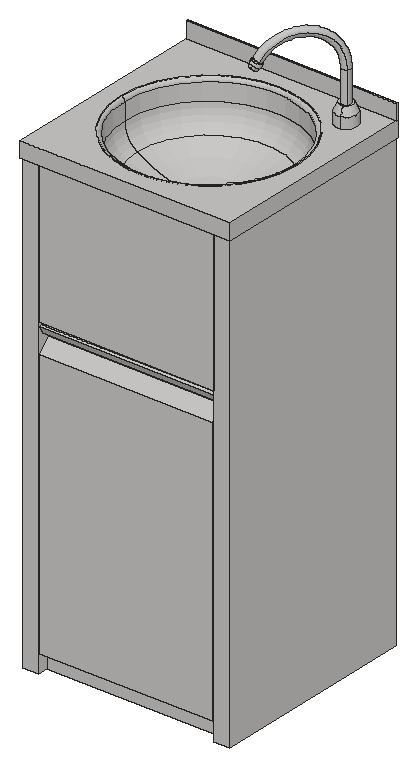
Revit family "QF_ZANUSSI_132954_NHWSB40", category Attrezzature speciali, Revit 2020
Family settings
  Quota connettore circolare = Usa diametro
  Tipo di parte = Normale
  Basato su piano di lavoro = No
  Sempre verticale = Sì
  Taglio con vuoti quando caricato = No
  Condiviso = No
  Punto di calcolo locali = No
Parameters (values of type "Standard")
  Weight = 20.00 kg
  Watts = 0 W
  Volts = 0 V
  URL Manufacturer = "http://www.zanussiprofessional.com"
  URL = "http://www.zanussiprofessional.com"
  Steam Supply Size = 0 mm
  Steam Supply Minimum Pressure = 0.0 Pa
  Steam Supply Maximum Pressure = 0.0 Pa
  Steam Consumption per Hour = 0
  Refrigeration Suction Line Size = 0.0 mm
  Refrigeration Liquid Line Size = 0.0 mm
  Refrigerant Compressor Remote = yes
  Prospetto di default = 0.0 mm
  Phase = 0
  Modello = "NHWSB40"
  Produttore = "Zanussi"
  Length Actual = 400.0 mm  # constant formula
  Item Number = "132954"
  Hot Water Size = 12.7 mm
  Height Actual = 900.0 mm  # constant formula
  HP = "0 HP"
  Gas Size = 0 mm
  Gas KW = 0
  Gas Input Pressure = 0 W
  Direct Waste Size = 139.7 mm
  Descrizione = "FREE-STANDING HAND WASH BASIN WITH WASTE CABINET, KNEE-OPERATED, 1 BOWL, MIXER SPOUT AND DRAIN HOLE"
  Depth Actual = 400.0 mm  # constant formula
  Cycle = 0 Hz
  Condensate Return Size = 0 mm
  Compressed Air Volume = 0.0 L/s
  Compressed Air Size = 0 mm
  Compressed Air Pressure = 0.0 Pa
  Cold Water Size = 12.7 mm
  Accessory = yes
Reference planes
  plane 1 "Center (Front/Back)": y = 0
  plane 2: z = 0
  plane 3 "BACK": y = 200
  plane 4 "FRONT": y = -200
  plane 5 "TOP": z = 900
  plane 6: x = -956.5
  plane 7 "BaseTop": z = 870
  plane 8: x = -556.5
  plane 9 "Center (Left/Right)": x = -756.5
  plane 10 "Drain Z": z = 660
  plane 11: z = 930
  plane 12 "FondoLavello": z = 777.601
  plane 13: y = 145.319
  plane 14: x = -611.483
  plane 15 "DrainX": x = -833.5
Forms (mm)
  Extrusion 1, solid, material "QF_Finishes_Stainless Steel"
    sketch origin (0, 0, 870) x (-1, 0, 0) y (0, -1, 0)
      loop
        line (956.5, -200) -> (956.5, 200) -> (556.5, 200) -> (556.5, -200) -> (956.5, -200)
      loop
        circle (611.483, -145.319) r 9.014
      loop
        circle (756.5, 0) r 168
    from 0 to 30
  Extrusion 2, solid, material "QF_Finishes_Stainless Steel"
    sketch origin (0, 0, 0) x (1, 0, 0) y (0, 1, 0)
      loop
        line (-923.5, 170) -> (-589.5, 170) -> (-589.5, -197) -> (-559.5, -197) -> (-559.5, 200) -> (-953.5, 200) -> (-953.5, -197) -> (-923.5, -197) -> (-923.5, 170)
    from 0 to 870
  Extrusion 3, solid, material "QF_Finishes_Stainless Steel"
    sketch origin (0, 0, 0) x (1, 0, 0) y (0, 1, 0)
      loop
        line (-923.5, 170) -> (-923.5, -177) -> (-589.5, -177) -> (-589.5, 170) -> (-923.5, 170)
    from 0 to 30
  Extrusion 4, solid, material "QF_Finishes_Stainless Steel"
    sketch origin (-756.5, 0, -115) x (0, 0, -1) y (0, -1, 0)
      loop
        line (-710, 172) -> (-150, 172) -> (-150, 197) -> (-660, 197) -> (-682.5, 174.5) -> (-707.5, 174.5) -> (-707.5, 191.722) -> (-706.755, 193.013) -> (-695.76, 186.665) -> (-694.51, 188.83) -> (-707.5, 196.33) -> (-710, 192) -> (-710, 172)
    from -165 to 165
  Extrusion 5, solid, material "QF_Finishes_Stainless Steel"
    sketch origin (-756.5, 0, 0) x (0, 0, -1) y (0, -1, 0)
      loop
        line (-600, 197) -> (-870, 197) -> (-870, 172) -> (-600, 172) -> (-600, 197)
    from -167 to 167
  Extrusion 6, solid, material "QF_Door-Drawer Clearances", detail levels coarse
    sketch origin (-756.5, 0, 0) x (0, 0, -1) y (0, -1, 0)
      loop
        line (-552.609, 357.732) -> (-562.251, 369.223) -> (-566.081, 366.009) -> (-572.921, 347.215)
        arc (-572.921, 347.215) -> (-591.566, 273.23) -> (-594.805, 197) r 373.932
        line (-594.805, 197) -> (-87.113, 197) -> (-517.386, 353.606) -> (-546.225, 340.159) -> (-569.717, 348.709) -> (-563.827, 364.893) -> (-562.685, 365.851) -> (-554.524, 356.125) -> (-552.609, 357.732)
    from -165 to 165
  Revolve 7, solid, material "QF_Finishes_Stainless Steel"
    sketch origin (0, 0, 0) x (1, 0, 0) y (0, 0, 1)
      loop
        arc (-917.53, 893) -> (-919.572, 897.928) -> (-924.5, 899.97) r 6.97
        line (-924.5, 899.97) -> (-924.5, 895) -> (-922.501, 895) -> (-922.501, 859.414)
        arc (-922.501, 859.414) -> (-915.312, 831.717) -> (-895.561, 811.013) r 56.948
        arc (-895.561, 811.013) -> (-840.753, 785.213) -> (-781.505, 772.59) r 263.902
        line (-781.505, 772.59) -> (-781.505, 777.601)
        arc (-781.505, 777.601) -> (-839.395, 790.016) -> (-892.95, 815.258) r 258.912
        arc (-892.95, 815.258) -> (-910.971, 834.149) -> (-917.53, 859.421) r 51.963
        line (-917.53, 859.421) -> (-917.53, 893)
      axis (-756.5, 772.59) -> (-756.5, 899.97)
    angle from 0 to 360
  Extrusion 8, solid, material "QF_Finishes_Stainless Steel"
    sketch origin (0, 0, 777.601) x (-1, 0, 0) y (0, -1, 0)
      loop
        circle (756.5, 0) r 25.005
      loop
        circle (756.5, 0) r 5
      loop
        line (753.407, -8.499) -> (749.22, -20.001)
        arc (749.22, -20.001) -> (756.5, -21.285) -> (763.78, -20.001) r 21.285
        line (763.78, -20.001) -> (759.593, -8.499)
        arc (759.593, -8.499) -> (756.5, -9.045) -> (753.407, -8.499) r 9.045
      loop
        arc (753.407, 8.499) -> (756.5, 9.045) -> (759.593, 8.499) r 9.045
        line (759.593, 8.499) -> (763.78, 20.001)
        arc (763.78, 20.001) -> (756.5, 21.285) -> (749.22, 20.001) r 21.285
        line (749.22, 20.001) -> (753.407, 8.499)
      loop
        line (762.314, -6.929) -> (770.181, -16.305)
        arc (770.181, -16.305) -> (774.933, -10.642) -> (777.461, -3.696) r 21.285
        line (777.461, -3.696) -> (765.407, -1.571)
        arc (765.407, -1.571) -> (764.333, -4.522) -> (762.314, -6.929) r 9.045
      loop
        arc (747.593, 1.571) -> (748.667, 4.522) -> (750.686, 6.929) r 9.045
        line (750.686, 6.929) -> (742.819, 16.305)
        arc (742.819, 16.305) -> (738.067, 10.642) -> (735.539, 3.696) r 21.285
        line (735.539, 3.696) -> (747.593, 1.571)
      loop
        line (765.407, 1.571) -> (777.461, 3.696)
        arc (777.461, 3.696) -> (774.933, 10.642) -> (770.181, 16.305) r 21.285
        line (770.181, 16.305) -> (762.314, 6.929)
        arc (762.314, 6.929) -> (764.333, 4.522) -> (765.407, 1.571) r 9.045
      loop
        arc (750.686, -6.929) -> (748.667, -4.522) -> (747.593, -1.571) r 9.045
        line (747.593, -1.571) -> (735.539, -3.696)
        arc (735.539, -3.696) -> (738.067, -10.642) -> (742.819, -16.305) r 21.285
        line (742.819, -16.305) -> (750.686, -6.929)
    from -5.011 to 0
  Extrusion 9, solid, material "QF_Finishes_Stainless Steel"
    sketch origin (0, 0, 870) x (-1, 0, 0) y (0, -1, 0)
      loop
        circle (620.497, -145.319) r 5
      loop
        circle (602.468, -145.319) r 5
    from 0 to 30
  Extrusion 10, void
    sketch origin (0, 200, 0) x (-1, 0, 0) y (0, 0, 1)
      loop
        circle (833.5, 660) r 22
    from -30 to 0
  Extrusion 11, solid, material "QF_Finishes_Stainless Steel"
    sketch origin (0, 200, 0) x (-1, 0, 0) y (0, 0, 1)
      loop
        circle (833.5, 660) r 20
      loop
        circle (833.5, 660) r 18
    from -30 to 0
  Extrusion 12, solid, material "QF_Finishes_Stainless Steel"
    sketch origin (-756.5, 0, 0) x (0, 0, -1) y (0, -1, 0)
      loop
        line (-930, -200) -> (-900, -200) -> (-900, -197) -> (-930, -197) -> (-930, -200)
    from -200 to 200
Cuts and joins
  Extrusion 10 cuts Extrusion 2
Lines and regions (mm)
  symbolic lines, style "SpecialityEquipment"
    curve 1: line (-956.5, 200, 870) -> (-556.5, 200, 870)
    curve 2: line (-956.5, -200, 870) -> (-956.5, 200, 870)
    curve 3: line (-556.5, -200, 870) -> (-956.5, -200, 870)
    curve 4: line (-556.5, 200, 870) -> (-556.5, -200, 870)
  symbolic lines, style "SpecialityEquipmentHiddenLines"
    curve 5: line (-921.5, -200, 870) -> (-921.5, -369.223, 870)
    curve 6: line (-921.5, -369.223, 870) -> (-591.5, -369.223, 870)
    curve 7: line (-591.5, -369.223, 870) -> (-591.5, -200, 870)
  symbolic lines
    curve 8: arc (-626.646, 106.592, 870) -> (-880.827, -112.99, 870) -> (-638.014, 119.101, 870) r 168
    curve 9: circle (-756.5, 0, 870) r 25.005 normal (0, 0, 1)
    curve 10: circle (-756.5, 0, 870) r 5 normal (0, 0, 1)
    curve 11: arc (-753.407, 8.499, 870) -> (-756.5, 9.045, 870) -> (-759.593, 8.499, 870) r 9.045
    curve 12: line (-749.22, 20.001, 870) -> (-753.407, 8.499, 870)
    curve 13: line (-759.593, 8.499, 870) -> (-763.78, 20.001, 870)
    curve 14: arc (-763.78, 20.001, 870) -> (-756.5, 21.285, 870) -> (-749.22, 20.001, 870) r 21.285
    curve 15: line (-770.181, 16.305, 870) -> (-762.314, 6.929, 870)
    curve 16: line (-765.407, 1.571, 870) -> (-777.461, 3.696, 870)
    curve 17: line (-777.461, -3.696, 870) -> (-765.407, -1.571, 870)
    curve 18: line (-762.314, -6.929, 870) -> (-770.181, -16.305, 870)
    curve 19: line (-763.78, -20.001, 870) -> (-759.593, -8.499, 870)
    curve 20: line (-753.407, -8.499, 870) -> (-749.22, -20.001, 870)
    curve 21: line (-742.819, -16.305, 870) -> (-750.686, -6.929, 870)
    curve 22: line (-747.593, -1.571, 870) -> (-735.539, -3.696, 870)
    curve 23: line (-735.539, 3.696, 870) -> (-747.593, 1.571, 870)
    curve 24: line (-750.686, 6.929, 870) -> (-742.819, 16.305, 870)
    curve 25: arc (-742.819, 16.305, 870) -> (-738.067, 10.642, 870) -> (-735.539, 3.696, 870) r 21.285
    curve 26: arc (-747.593, 1.571, 870) -> (-748.667, 4.522, 870) -> (-750.686, 6.929, 870) r 9.045
    curve 27: arc (-750.686, -6.929, 870) -> (-748.667, -4.522, 870) -> (-747.593, -1.571, 870) r 9.045
    curve 28: arc (-735.539, -3.696, 870) -> (-738.067, -10.642, 870) -> (-742.819, -16.305, 870) r 21.285
    curve 29: arc (-749.22, -20.001, 870) -> (-756.5, -21.285, 870) -> (-763.78, -20.001, 870) r 21.285
    curve 30: arc (-759.593, -8.499, 870) -> (-756.5, -9.045, 870) -> (-753.407, -8.499, 870) r 9.045
    curve 31: arc (-765.407, -1.571, 870) -> (-764.333, -4.522, 870) -> (-762.314, -6.929, 870) r 9.045
    curve 32: arc (-770.181, -16.305, 870) -> (-774.933, -10.642, 870) -> (-777.461, -3.696, 870) r 21.285
    curve 33: arc (-762.314, 6.929, 870) -> (-764.333, 4.522, 870) -> (-765.407, 1.571, 870) r 9.045
    curve 34: arc (-777.461, 3.696, 870) -> (-774.933, 10.642, 870) -> (-770.181, 16.305, 870) r 21.285
    curve 35: line (-956.5, 197, 870) -> (-556.5, 197, 870)
Dimensions and locks
  plane 3 "BACK" to plane 4 "FRONT" = 400.0 mm
  equal spacing: plane 3 "BACK", plane 1 "Center (Front/Back)", plane 4 "FRONT"
  plane 5 "TOP" to level = 900.0 mm
  equal spacing: plane 6, plane 9 "Center (Left/Right)", plane 8
  locked: plane 6 to plane 8 at 400
  plane 10 "Drain Z" to level = 660.0 mm
  plane 11 to plane 5 "TOP" = 30.0 mm
  plane 6 to plane 15 "DrainX" = 123.0 mm
  aligned and locked: level to plane 2
  aligned and locked: plane 5 "TOP" to Extrusion 1
  aligned and locked: plane 7 "BaseTop" to Extrusion 2
Automatic sketch dimensions
  Extrusion 1 sketch curve to plane 3 "BACK" = 0.0 mm
  Extrusion 1 sketch curve to plane 8 = 0.0 mm
  Extrusion 1 sketch curve to plane 4 "FRONT" = 0.0 mm
  Extrusion 1 sketch curve to plane 6 = 0.0 mm
  plane 8 to Extrusion 1 sketch curve = 54.983 mm
  Extrusion 1 sketch curve to plane 3 "BACK" = 54.681 mm
  Extrusion 2 sketch curve to plane 3 "BACK" = 0.0 mm
  plane 6 to Extrusion 2 sketch curve = 33.0 mm
  plane 8 to Extrusion 2 sketch curve = 33.0 mm
  plane 8 to Extrusion 2 sketch curve = 3.0 mm
  Extrusion 2 sketch curve to plane 3 "BACK" = 30.0 mm
  plane 4 "FRONT" to Extrusion 2 sketch curve = 3.0 mm  (x2)
  plane 6 to Extrusion 2 sketch curve = 3.0 mm
  plane 4 "FRONT" to Extrusion 3 sketch curve = 23.0 mm
  plane 6 to Extrusion 3 sketch curve = 33.0 mm
  plane 8 to Extrusion 3 sketch curve = 33.0 mm
  Extrusion 3 sketch curve to plane 3 "BACK" = 30.0 mm
  level to Extrusion 4 sketch curve = 595.0 mm
  Extrusion 4 sketch curve to Extrusion 4 sketch curve = 2.5 mm  (x2)
  Extrusion 4 sketch curve to Extrusion 4 sketch curve = 11.74 mm
  Extrusion 4 sketch curve to Extrusion 4 sketch curve = 1.25 mm
  Extrusion 4 sketch curve to Extrusion 4 sketch curve = 34.51 mm
  level to Extrusion 4 sketch curve = 35.0 mm
  plane 4 "FRONT" to Extrusion 4 sketch curve = 28.0 mm
  Extrusion 4 sketch curve to Extrusion 4 sketch curve = 25.0 mm
  Extrusion 4 sketch curve to Extrusion 4 sketch curve = 0.745 mm
  Extrusion 4 sketch curve to Extrusion 4 sketch curve = 13.26 mm
  Extrusion 4 sketch curve to Extrusion 4 sketch curve = 12.165 mm
  Extrusion 4 sketch curve to Extrusion 4 sketch curve = 1.291 mm
  Extrusion 4 sketch curve to Extrusion 4 sketch curve = 0.278 mm
  Extrusion 5 sketch curve to plane 7 "BaseTop" = 0.0 mm
  plane 4 "FRONT" to Extrusion 5 sketch curve = 28.0 mm
  Extrusion 5 sketch curve to plane 10 "Drain Z" = 60.0 mm
  plane 4 "FRONT" to Extrusion 5 sketch curve = 3.0 mm
  plane 1 "Center (Front/Back)" to Extrusion 1 sketch curve = 0.0 mm
  Extrusion 1 sketch curve to plane 9 "Center (Left/Right)" = 0.0 mm
  Extrusion 6 sketch curve to plane 10 "Drain Z" = 90.283 mm
  Extrusion 6 sketch curve to Extrusion 6 sketch curve = 3.636 mm
  Extrusion 6 sketch curve to Extrusion 6 sketch curve = 2.254 mm
  Extrusion 6 sketch curve to Extrusion 6 sketch curve = 1.142 mm
  Extrusion 6 sketch curve to Extrusion 6 sketch curve = 0.434 mm
  Extrusion 6 sketch curve to Extrusion 6 sketch curve = 8.161 mm
  Extrusion 6 sketch curve to Extrusion 6 sketch curve = 1.915 mm
  Extrusion 6 sketch curve to Extrusion 6 sketch curve = 8.299 mm
  Extrusion 6 sketch curve to Extrusion 6 sketch curve = 28.839 mm
  Extrusion 6 sketch curve to plane 4 "FRONT" = 19.323 mm
  level to Extrusion 6 sketch curve = 221.54 mm
  plane 4 "FRONT" to Extrusion 6 sketch curve = 3.0 mm
  level to Extrusion 6 sketch curve = 87.113 mm
  Extrusion 6 sketch curve to plane 4 "FRONT" = 140.159 mm
  Extrusion 6 sketch curve to Extrusion 6 sketch curve = 8.551 mm
  Extrusion 6 sketch curve to Extrusion 6 sketch curve = 13.448 mm
  Extrusion 6 sketch curve to Extrusion 6 sketch curve = 8.768 mm
  Extrusion 6 sketch curve to Extrusion 6 sketch curve = 3.204 mm
  Extrusion 6 sketch curve to plane 10 "Drain Z" = 65.195 mm
  Revolve 7 sketch curve to plane 5 "TOP" = 0.03 mm
  plane 9 "Center (Left/Right)" to Revolve 7 sketch curve = 0.0 mm
  plane 9 "Center (Left/Right)" to Revolve 7 sketch curve = 0.002 mm
  Revolve 7 sketch curve to Revolve 7 sketch curve = 0.011 mm
  plane 9 "Center (Left/Right)" to Revolve 7 sketch curve = 25.005 mm
  Revolve 7 sketch curve to plane 7 "BaseTop" = 10.586 mm
  plane 6 to Revolve 7 sketch curve = 90.947 mm
  Revolve 7 sketch curve to Revolve 7 sketch curve = 0.015 mm
  Revolve 7 sketch curve to plane 7 "BaseTop" = 10.579 mm
  plane 6 to Revolve 7 sketch curve = 38.97 mm
  Revolve 7 sketch curve to Revolve 7 sketch curve = 4.971 mm
  Revolve 7 sketch curve to Revolve 7 sketch curve = 1.999 mm
  Revolve 7 sketch curve to plane 7 "BaseTop" = 92.399 mm
  Revolve 7 sketch curve to Revolve 7 sketch curve = 5.011 mm
  plane 11 to Revolve 7 sketch curve = 105.304 mm
  Revolve 7 sketch curve to Revolve 7 sketch curve = 0.001 mm
  plane 10 "Drain Z" to Revolve 7 sketch curve = 25.0 mm
  Revolve 7 sketch curve to Revolve 7 sketch curve = 15.304 mm
  Revolve 7 sketch curve to Revolve 7 sketch curve = 2.0 mm
  Extrusion 8 sketch curve to Extrusion 8 sketch curve = 0.0 mm  (x186)
  plane 1 "Center (Front/Back)" to Extrusion 8 sketch curve = 0.0 mm
  Extrusion 8 sketch curve to plane 9 "Center (Left/Right)" = 0.0 mm
  Extrusion 8 sketch curve to plane 9 "Center (Left/Right)" = 3.093 mm  (x2)
  Extrusion 8 sketch curve to Extrusion 8 sketch curve = 2.72 mm  (x4)
  Extrusion 8 sketch curve to plane 9 "Center (Left/Right)" = 7.28 mm  (x2)
  plane 1 "Center (Front/Back)" to Extrusion 8 sketch curve = 1.571 mm  (x2)
  Extrusion 8 sketch curve to Extrusion 8 sketch curve = 3.093 mm  (x2)
  Extrusion 8 sketch curve to plane 1 "Center (Front/Back)" = 1.571 mm  (x2)
  Extrusion 8 sketch curve to Extrusion 8 sketch curve = 6.402 mm  (x4)
  Extrusion 8 sketch curve to plane 1 "Center (Front/Back)" = 3.696 mm  (x2)
  Extrusion 8 sketch curve to Extrusion 8 sketch curve = 12.054 mm  (x2)
  plane 1 "Center (Front/Back)" to Extrusion 8 sketch curve = 3.696 mm  (x2)
  plane 9 "Center (Left/Right)" to Extrusion 8 sketch curve = 3.093 mm  (x2)
  plane 9 "Center (Left/Right)" to Extrusion 8 sketch curve = 7.28 mm  (x2)
  Extrusion 8 sketch curve to Extrusion 8 sketch curve = 3.696 mm  (x2)
  Extrusion 8 sketch curve to Extrusion 8 sketch curve = 1.571 mm  (x2)
  Extrusion 9 sketch curve to plane 13 = 0.0 mm  (x2)
  Extrusion 9 sketch curve to plane 14 = 9.014 mm
  plane 14 to Extrusion 9 sketch curve = 9.014 mm
  Extrusion 10 sketch curve to plane 10 "Drain Z" = 0.0 mm
  Extrusion 10 sketch curve to plane 15 "DrainX" = 0.0 mm
  Extrusion 11 sketch curve to plane 10 "Drain Z" = 0.0 mm
  Extrusion 11 sketch curve to plane 15 "DrainX" = 0.0 mm
  Extrusion 11 sketch curve to Extrusion 11 sketch curve = 0.0 mm  (x2)
  Extrusion 12 sketch curve to plane 11 = 0.0 mm
  Extrusion 12 sketch curve to plane 5 "TOP" = 0.0 mm
  Extrusion 12 sketch curve to plane 3 "BACK" = 0.0 mm
  Extrusion 12 sketch curve to Extrusion 12 sketch curve = 3.0 mm
  curve 8 to curve 9 = 0.0 mm  (x2)
  curve 8 to curve 10 = 0.0 mm  (x2)
  curve 8 to curve 11 = 0.0 mm
  curve 9 to curve 14 = 0.0 mm
  curve 11 to curve 14 = 0.0 mm  (x2)
  curve 11 to curve 25 = 0.0 mm  (x2)
  curve 11 to curve 26 = 0.0 mm  (x2)
  curve 26 to curve 34 = 0.0 mm  (x2)
  curve 27 to curve 34 = 0.0 mm  (x2)
  curve 28 to curve 34 = 0.0 mm  (x2)
  curve 29 to curve 34 = 0.0 mm  (x2)
  curve 30 to curve 34 = 0.0 mm  (x2)
  curve 31 to curve 34 = 0.0 mm  (x2)
  curve 32 to curve 34 = 0.0 mm  (x2)
  curve 33 to curve 34 = 0.0 mm  (x2)
  curve 1 to plane 3 "BACK" = 0.0 mm
  curve 1 to plane 8 = 0.0 mm
  curve 7 to plane 4 "FRONT" = 0.0 mm
  plane 1 "Center (Front/Back)" to curve 32 = 0.0 mm
  curve 32 to plane 9 "Center (Left/Right)" = 0.0 mm
  curve 35 to plane 6 = 0.0 mm
  curve 6 to plane 14 = 19.983 mm
  curve 23 to plane 1 "Center (Front/Back)" = 3.696 mm
  curve 23 to plane 9 "Center (Left/Right)" = 20.961 mm
  plane 1 "Center (Front/Back)" to curve 22 = 3.696 mm
  curve 22 to curve 25 = 0.0 mm
  curve 21 to plane 9 "Center (Left/Right)" = 13.681 mm
  curve 24 to plane 9 "Center (Left/Right)" = 13.681 mm
  plane 1 "Center (Front/Back)" to curve 22 = 1.571 mm
  curve 22 to plane 9 "Center (Left/Right)" = 8.907 mm
  curve 23 to plane 1 "Center (Front/Back)" = 1.571 mm
  curve 23 to curve 27 = 0.0 mm
  curve 12 to plane 9 "Center (Left/Right)" = 7.28 mm
  curve 20 to plane 9 "Center (Left/Right)" = 7.28 mm
  curve 21 to plane 9 "Center (Left/Right)" = 5.814 mm
  curve 24 to plane 9 "Center (Left/Right)" = 5.814 mm
  curve 20 to plane 9 "Center (Left/Right)" = 3.093 mm
  curve 12 to plane 9 "Center (Left/Right)" = 3.093 mm
  plane 9 "Center (Left/Right)" to curve 13 = 3.093 mm
  plane 9 "Center (Left/Right)" to curve 19 = 3.093 mm
  curve 30 to curve 18 = 2.72 mm
  curve 11 to curve 15 = 2.72 mm
  plane 9 "Center (Left/Right)" to curve 19 = 7.28 mm
  plane 9 "Center (Left/Right)" to curve 13 = 7.28 mm
  curve 16 to plane 1 "Center (Front/Back)" = 1.571 mm
  curve 33 to curve 16 = 3.093 mm
  plane 1 "Center (Front/Back)" to curve 17 = 1.571 mm
  curve 17 to curve 16 = 0.0 mm
  curve 14 to curve 15 = 6.402 mm
  curve 29 to curve 18 = 6.402 mm
  plane 1 "Center (Front/Back)" to curve 17 = 3.696 mm
  curve 31 to curve 17 = 12.054 mm
  curve 16 to plane 1 "Center (Front/Back)" = 3.696 mm
  curve 16 to curve 17 = 0.0 mm
  plane 6 to curve 6 = 35.0 mm
  curve 12 to curve 25 = 3.696 mm
  curve 13 to curve 15 = 1.571 mm
  curve 18 to curve 19 = 1.571 mm
  curve 18 to curve 19 = 3.696 mm
  curve 7 to curve 6 = 169.223 mm
  plane 14 to curve 8 = 15.163 mm
  curve 8 to curve 8 = 11.368 mm
  curve 35 to plane 3 "BACK" = 3.0 mm
  curve 8 to plane 13 = 26.218 mm
  radius of Extrusion 1 sketch curve = 9.014 mm
  radius of Extrusion 1 sketch curve = 168.0 mm
  radius of Extrusion 8 sketch curve = 25.005 mm
  radius of Extrusion 8 sketch curve = 5.0 mm
  radius of Extrusion 9 sketch curve = 5.0 mm  (x2)
  radius of Extrusion 10 sketch curve = 22.0 mm
  radius of Extrusion 11 sketch curve = 20.0 mm
  radius of Extrusion 11 sketch curve = 18.0 mm
  radius of curve 9 = 25.005 mm
  radius of curve 10 = 5.0 mm
Nested families
  nested 1: "SINK_Misc" at (-611.483, 146.494, 900) x (0.848, -0.5299, 0) z (0, 0, 1), type "SINK_Misc"
Connectors
  piping at (-620.497, 145.319, 870), diameter 12.7, driven by "Hot Water Size"
    settings: on Extrusion 9, index 1, connector inside diameter 609.6 mm, connector length 0.0 mm, flow factor 0, pipe flow 0.0 L/s, pressure drop 0.0 Pa, fitting loss kfactor 0, connector angle 0.00°, fixture units 0, engagement length 0.0 mm, angle of deflection 0.00°, flow configuration 1, flow direction 1, fitting loss method 0, system type 20, joint type 0, gender type 0, connector reference index -1, connector utility 0, adjustable connector no, is connector primary yes, connector description "Hot Water Inlet"
  piping at (-602.468, 145.319, 870), diameter 12.7, driven by "Cold Water Size"
    settings: on Extrusion 9, index 2, connector inside diameter 609.6 mm, connector length 0.0 mm, flow factor 0, pipe flow 0.0 L/s, pressure drop 0.0 Pa, fitting loss kfactor 0, connector angle 0.00°, fixture units 0, engagement length 0.0 mm, angle of deflection 0.00°, flow configuration 1, flow direction 1, fitting loss method 0, system type 20, joint type 0, gender type 0, connector reference index -1, connector utility 0, adjustable connector no, is connector primary no, connector description "Cold Water Inlet"
  piping at (-833.5, 200, 660), diameter 139.7, driven by "Direct Waste Size"
    settings: on Extrusion 11, index 3, connector inside diameter 609.6 mm, connector length 0.0 mm, flow factor 0, pipe flow 0.0 L/s, pressure drop 0.0 Pa, fitting loss kfactor 0, connector angle 0.00°, fixture units 0, engagement length 0.0 mm, angle of deflection 0.00°, flow configuration 1, flow direction 2, fitting loss method 0, system type 16, joint type 0, gender type 0, connector reference index -1, connector utility 0, adjustable connector no, is connector primary no, connector description "Drain"
Definition of nested family "SINK_Misc"
  Parameters
    Default Elevation = 0.0 mm
  Reference planes
    plane 1 "Center (Front/Back)": y = 0
    plane 2: z = 0
    plane 3 "Center (Left/Right)": x = 0
    plane 4: z = 132.417
    plane 5: y = -140
  Forms (mm)
    Revolve 1, solid
      sketch origin (0, 0, 0) x (0.707107, -0.707107, 0) y (0, 0, 1)
        loop
          line (0, 0) -> (0, 35) -> (-13.322, 35) -> (-20, 20) -> (-20, 0) -> (0, 0)
        axis (0, 35) -> (0, 0)
      angle from 0 to 360
    Sweep 2, solid
      path origin (0, 0, 70) x (0, 1, 0) y (0, 0, 1)
        loop
          line (0, -35) -> (0, 25)
          arc (0, 25) -> (-55.635, 97.457) -> (-140, 62.417) r 75
      profile origin (0, 0, 65) x (0, -1, 0) y (1, 0, 0)
        loop
          circle (0, 0) r 8
    Revolve 3, solid
      sketch origin (0, 29.771, -274.217) x (0, 0.866667, -0.498887) y (0, 0.498887, 0.866667)
        loop
          line (-340.351, 259.648) -> (-340.351, 265.557)
          arc (-340.351, 265.557) -> (-340.776, 266.459) -> (-341.572, 267.059) r 2.074
          line (-341.572, 267.059) -> (-341.999, 267.719) -> (-349.999, 267.719) -> (-349.999, 253.002) -> (-343.599, 253.002)
          arc (-343.599, 253.002) -> (-342.92, 253.216) -> (-342.486, 253.782) r 1.185
          line (-342.486, 253.782) -> (-340.351, 259.648)
        axis (-349.999, 267.719) -> (-349.999, 253.002)
      angle from 0 to 360
  Lines and regions (mm)
    symbolic lines
      curve 1: arc (-8, -18.33, 0) -> (0, 20, 0) -> (8, -18.33, 0) r 20
      curve 2: arc (8, -10.652, 0) -> (0, 13.322, 0) -> (-8, -10.652, 0) r 13.322
      curve 3: spline (8, -140, 0) -> (7.727, -141.794, 0) -> (6.928, -143.467, 0) -> (5.657, -144.903, 0) -> (4, -146.004, 0) -> (2.071, -146.697, 0) -> (0, -146.933, 0) -> (-2.071, -146.697, 0) -> (-4, -146.004, 0) -> (-5.657, -144.903, 0) -> (-6.928, -143.467, 0) -> (-7.727, -141.794, 0) -> (-8, -140, 0)
      curve 4: spline (-8, -136.404, 0) -> (-9.389, -139.151, 0) -> (-9.57, -142.147, 0) -> (-8.519, -145.005, 0) -> (-6.372, -147.358, 0) -> (-3.405, -148.903, 0) -> (0, -149.441, 0) -> (3.405, -148.903, 0) -> (6.372, -147.358, 0) -> (8.519, -145.005, 0) -> (9.57, -142.147, 0) -> (9.389, -139.151, 0) -> (8, -136.404, 0)
      curve 5: spline (9.649, -144.027, 0) -> (9.32, -146.191, 0) -> (8.356, -148.208, 0) -> (6.823, -149.939, 0) -> (4.824, -151.268, 0) -> (2.497, -152.104, 0) -> (0, -152.389, 0) -> (-2.497, -152.104, 0) -> (-4.824, -151.268, 0) -> (-6.823, -149.939, 0) -> (-8.356, -148.208, 0) -> (-9.32, -146.191, 0) -> (-9.649, -144.027, 0)
      curve 6: line (8, 0, 0) -> (8, -140, 0)
      curve 7: line (-8, 0, 0) -> (-8, -140, 0)
      curve 8: line (9.649, -141.079, 0) -> (9.649, -144.027, 0)
      curve 9: line (-9.649, -141.079, 0) -> (-9.649, -144.027, 0)
      curve 10: arc (-8, 0, 0) -> (0, 8, 0) -> (8, 0, 0) r 8
  Dimensions and locks
    plane 1 "Center (Front/Back)" to plane 5 = 140.0 mm
    aligned and locked: level to plane 2
